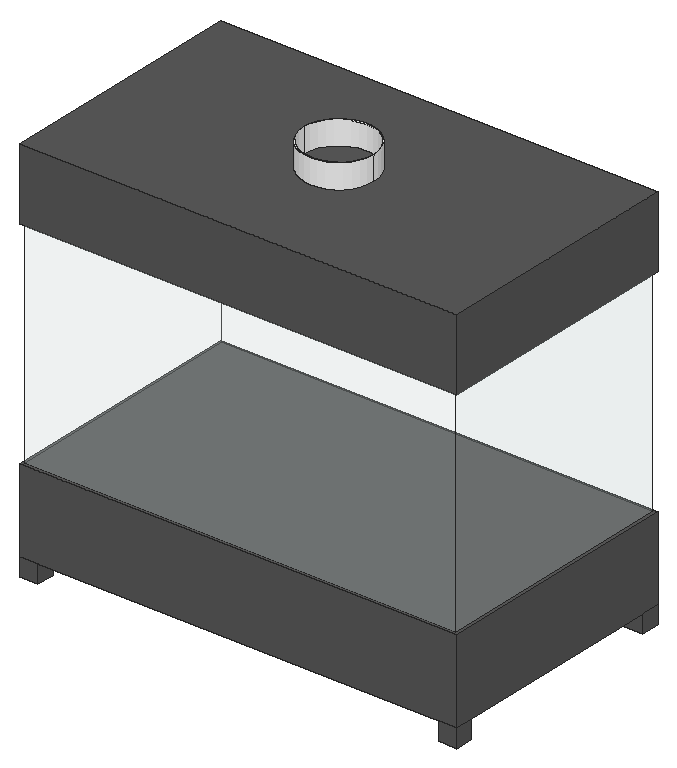
Revit family "C4W6 - LOG - 73_42", category Generic Models, host Face, Revit 2019
Family settings
  Host = Face
  Can host rebar = No
  Round Connector Dimension = Use Diameter
  Part Type = Normal
  Cut with Voids When Loaded = Yes
  Shared = Yes
  Room Calculation Point = No
Parameters (values of type "As Specified")
  URL = "https://www.montigo.com/"
  Manufacturer Website = "https://www.montigo.com/"
  Manufacturer Phone - Toll Free = "800-378-3115"
  Manufacturer Phone = ""
  Manufacturer Fax = ""
  Manufacturer Address = "27342 Gloucester Way  Langley, BC, Canada   V4W 4A1"
  Manufacturer = "Montigo"
  Length = 73"
  Width = 42"
  Height = 65"
  Glazing Tint = Glass - Montigo - Tint as Specified
  Frame Material = Metal - Montigo - Black
  Firebox Material = Metal - Montigo - White
  Fire Place - Opening = 36"
  Description = "Montigo Fireplace as Specified"
  Default Elevation = 48"
  Base Height = 17"
  Assembly Code = "D3020"
Reference planes (in)
  plane 1 "Center (Front/Back)": y = 0
  plane 2: z = 0
  plane 3 "Center (Left/Right)": x = 0
  plane 4: x = 36.5
  plane 5: y = 21
  plane 6: y = -21
  plane 7: z = 0
  plane 8: x = -36.5
  plane 9: z = 3
  plane 10: z = 17
  plane 11: z = 53
  plane 12: z = 65
Forms (in)
  Extrusion 1, solid, material "Metal - Montigo - Black" <- "Frame Material"
    sketch origin (-60.41868, -180, 0) x (-1, 0, 0) y (0, -1, 0)
      loop
        line (-23.91868, -201) -> (-23.91868, -159) -> (-96.91868, -159) -> (-96.91868, -201) -> (-23.91868, -201)
    from 3 to 17
  Extrusion 2, solid, material "Metal - Montigo - Black" <- "Frame Material"
    sketch origin (-60.41868, -180, 0) x (-1, 0, 0) y (0, -1, 0)
      loop
        line (-23.91868, -201) -> (-23.91868, -198) -> (-26.91868, -198) -> (-26.91868, -201) -> (-23.91868, -201)
      loop
        line (-93.91868, -201) -> (-93.91868, -198) -> (-96.91868, -198) -> (-96.91868, -201) -> (-93.91868, -201)
      loop
        line (-93.91868, -162) -> (-93.91868, -159) -> (-96.91868, -159) -> (-96.91868, -162) -> (-93.91868, -162)
      loop
        line (-23.91868, -162) -> (-23.91868, -159) -> (-26.91868, -159) -> (-26.91868, -162) -> (-23.91868, -162)
    from 0 to 3
  Extrusion 3, solid
    sketch origin (-60.41868, -180, 0) x (-1, 0, 0) y (0, -1, 0)
      loop
        line (-89.41868, -192.5) -> (-89.41868, -189.5) -> (-92.41868, -189.5) -> (-92.41868, -192.5) -> (-89.41868, -192.5)
      loop
        line (-89.41868, -170.5) -> (-89.41868, -167.5) -> (-92.41868, -167.5) -> (-92.41868, -170.5) -> (-89.41868, -170.5)
    from 2 to 3
  Extrusion 4, solid, material "Metal - Montigo - Black" <- "Frame Material"
    sketch origin (-60.41868, -180, 0) x (-1, 0, 0) y (0, -1, 0)
      loop
        line (-23.91868, -201) -> (-23.91868, -159) -> (-96.91868, -159) -> (-96.91868, -201) -> (-23.91868, -201)
    from 53 to 65
  Extrusion 5, solid, material "Glass - Montigo - Tint as Specified" <- "Glazing Tint"
    sketch origin (-60.41868, -180, 0) x (-1, 0, 0) y (0, -1, 0)
      loop
        line (-24.35618, -200.5625) -> (-24.35618, -159.4375) -> (-96.48118, -159.4375) -> (-96.48118, -200.5625) -> (-24.35618, -200.5625)
    from 17 to 53
Dimensions and locks (in)
  equal spacing: plane 6, plane 1 "Center (Front/Back)", plane 5
  "Width": plane 6 to plane 5
  "Length": plane 8 to plane 4
  equal spacing: plane 8, plane 3 "Center (Left/Right)", plane 4
  locked: plane 8 to Extrusion 2 sketch curve at 3  (x2)
  locked: Extrusion 2 sketch curve to plane 5 at 3  (x2)
  locked: Extrusion 2 sketch curve to plane 4 at 3  (x2)
  locked: plane 6 to Extrusion 2 sketch curve at 3  (x2)
  Extrusion 3 sketch curve to Extrusion 3 sketch curve to plane 4 = 3" locked, 4 1/2" locked  (x2)
  plane 6 to Extrusion 3 sketch curve to Extrusion 3 sketch curve = 8 1/2" locked, 3" locked
  Extrusion 3 sketch curve to Extrusion 3 sketch curve to plane 5 = 3" locked, 8 1/2" locked
  locked: plane 9 to plane 7 at 3
  locked: Extrusion 3 to level at 2
  "Base Height": plane 10 to plane 7
  "Height": plane 12 to plane 7
  "Fire Place - Opening": plane 11 to plane 10
  locked: plane 8 to Extrusion 5 sketch curve at 0.4375
  locked: Extrusion 5 sketch curve to plane 4 at 0.4375
  locked: Extrusion 5 sketch curve to plane 5 at 0.4375
  locked: plane 6 to Extrusion 5 sketch curve at 0.4375
  plane 12 to plane 11 = 12"
  aligned and locked: plane 2 to host face
  aligned and locked: level to host face
  aligned and locked: plane 7 to level
  aligned and locked: Extrusion 1 sketch curve to plane 6
  aligned and locked: Extrusion 1 sketch curve to plane 4
  aligned and locked: plane 5 to Extrusion 1 sketch curve
  aligned and locked: Extrusion 1 sketch curve to plane 8
  aligned and locked: Extrusion 2 sketch curve to plane 8  (x2)
  aligned and locked: Extrusion 2 sketch curve to plane 6  (x2)
  aligned and locked: plane 5 to Extrusion 2 sketch curve  (x2)
  aligned and locked: Extrusion 2 sketch curve to plane 4
  aligned and locked: Extrusion 1 to plane 9
  aligned and locked: plane 10 to Extrusion 1
  aligned and locked: Extrusion 2 to Extrusion 1
  aligned and locked: Extrusion 3 to Extrusion 1
  aligned and locked: plane 12 to Extrusion 4
  aligned and locked: Extrusion 4 to plane 11
  aligned and locked: Extrusion 5 to plane 10
  aligned and locked: plane 11 to Extrusion 5
  aligned and locked: nested 1 to plane 1 "Center (Front/Back)"
  aligned and locked: nested 1 to plane 3 "Center (Left/Right)"
Automatic sketch dimensions
  host sketch curve to host sketch curve = 96"  (x2)
  Extrusion 2 sketch curve to plane 4 = 0"
  Extrusion 4 sketch curve to plane 4 = 0"
  plane 6 to Extrusion 4 sketch curve = 0"
  Extrusion 4 sketch curve to plane 8 = 0"
  plane 5 to Extrusion 4 sketch curve = 0"
Nested families (in)
  nested 1: "Duct Dia" at (0, 0, 65) x (-1, 0, 0) z (0, 0, 1), type "11 3/4" Dia"
Connectors (in)
  hvac at (0, 0, 69)
    settings: on nested 1, index 1, duct flow 0 CFM, flow factor 0, pres drop 0.00 in-wg, loss coef 0, conn angle 0.00°, conn width 12", conn height 12", conn diameter 11 3/4", duct sys type 3, conn prof type 0, flow config 0, flow direction 0, loss method 0, conn ref index -1, conn util no, is conn primary yes, conn desc ""
Definition of nested family "Duct Dia"
  Parameters (values of type "15 7/8" Dia.")
    Intake Duct Dia = 15 7/8"
    Intake Diameter = Intake Duct Dia - 1/8"  # 15 3/4"
    Height = 4"
    Firebox Material = none
    Default Elevation = 48"
  Types (12): name | Intake Duct Dia | Intake Diameter | Height
    9 7/8" Dia. | 9 7/8" | 9 3/4" | 4"
    7 7/8" Dia | 7 7/8" | 7 3/4" | 4"
    8 1/8" Dia | 8 1/8" | 8" | 1/4"
    11 3/4" Dia | 11 3/4" | 11 5/8" | 4"
    4" Dia | 10" | 9 7/8" | 4"
    7 3/4" Dia | 7 3/4" | 7 5/8" | 4"
    6 7/8" Dia | 6 7/8" | 6 3/4" | 1/4"
    9 3/4" Dia. | 9 3/4" | 9 5/8" | 4"
    7 1/8" Dia | 7 1/8" | 7" | 1/4"
    11 7/8" Dia. | 11 7/8" | 11 3/4" | 4"
    13 7/8" Dia. | 13 7/8" | 13 3/4" | 4"
    15 7/8" Dia. | 15 7/8" | 15 3/4" | 4"
  Reference planes (in)
    plane 1 "Center (Front/Back)": y = 0
    plane 2: z = 0
    plane 3 "Center (Left/Right)": x = 0
    plane 4: z = 4
  Forms (in)
    Extrusion 1, solid
      sketch origin (0, 0, 0) x (1, 0, 0) y (0, 1, 0)
        loop
          line (-48, 48) -> (-48, -48) -> (48, -48) -> (48, 48) -> (-48, 48)
      from 0 to -12
    Extrusion 2, solid, material <- "Firebox Material"
      sketch origin (0, 0, 0) x (1, 0, 0) y (0, 1, 0)
        loop
          circle (0, 0) r 7.9375
        loop
          circle (0, 0) r 7.875
      from 0 to 4
  Dimensions and locks (in)
    "Height": plane 4 to level
    "Intake Duct Dia": diameter of Extrusion 2 sketch curve
    "Intake Diameter": diameter of Extrusion 2 sketch curve
    aligned and locked: plane 2 to Extrusion 1
    aligned and locked: level to Extrusion 1
    aligned and locked: plane 4 to Extrusion 2
  Automatic sketch dimensions
    Extrusion 1 sketch curve to Extrusion 1 sketch curve = 96"  (x2)
    Extrusion 2 sketch curve to Extrusion 2 sketch curve = 0"  (x2)
    plane 1 "Center (Front/Back)" to Extrusion 2 sketch curve = 0"
    Extrusion 2 sketch curve to plane 3 "Center (Left/Right)" = 0"
